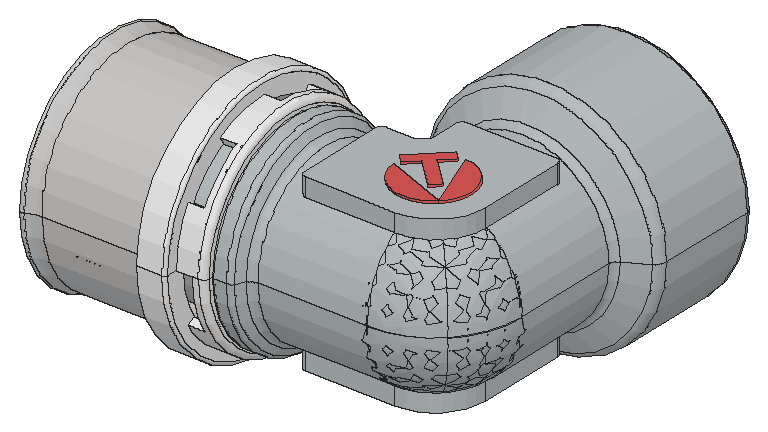
Revit family "VTm_252_УгольникПресс_ПереходВнутрРезьба1", category Соединительные детали трубопроводов, Revit 2017
Family settings
  Размер круглого соединителя = Использовать диаметр
  Тип детали = Отвод
  На основе рабочей плоскости = Нет
  Всегда вертикально = Да
  При загрузке вырезать с полостями = Нет
  Общий = Нет
Parameters (values of type "32 х 1"")
  Тело = VTm_252_ТелоУголка_32_на_Дюйм : VTm_252_ТелоУголка_32_на_Дюйм
  Стоимость = 0
  Резьба = VTm_252_РезьбаСоСбегами_Внутр : 1" х 4 х 1,9
  РадБазы2 = DN2 / 4  # 6.25 mm
  РадБазы1 = DN1 / 4  # 8.00 mm
  ПодРезьбу х 07 = ПодРезьбу * 0.7  # 10.50 mm
  ПодРезьбу = 15.00 mm
  Описание = "Служит для соединения резьбовых фитингов с системами металлополимерных, PEX и PE труб на пресс с поворотом на 90°"  # constant formula
  Комментарии к типоразмеру = "Модель разработана по заказу ВЕСТА Регионы, автор Михаил Кузьмин НПО Инкомис, правообладатель ВЕСТА Регионы"  # constant formula
  Изготовитель = "VALTEC"  # constant formula
  ДлинаБазы2 = 23.50 mm
  ДлинаБазы1 = 24.30 mm
  Гильза = VTm_252_Гильза_от_16_до_32 : 32
  Видеть резьбу [instance] = yes
  VT_Цена базовая = 501
  VT_sleeve = Нержавеющая сталь
  VT_ring = Пластмасса, непрозрачная, белая
  VT_logo [instance] = Алюминий, анодированный красный
  VT_body = Цинк
  URL = "http://valtec.ru/catalog/sistemy_metallopolimernyh_i_polimernyh_truboprovodov/press_fitingi/press_fiting_ugolnik_s_perehodom_na_vnutrennyuyu_rezbu_vtm252n.html"
  DN2 = 25.00 mm
  DN1 = 32.00 mm
  ADSK_Примечание = ""
  ADSK_Позиция = "252.3206"
  ADSK_Обозначение = "VTm.252.N.003206"
  ADSK_Наименование = "Угольник пресс с переходом на внутреннюю резьбу 32х1\" 90° VTm.252"
  ADSK_Масса_Текст = "0.298"
  ADSK_Масса = 0.298
  ADSK_Завод-изготовитель = "VALTEC"  # constant formula
  ADSK_Единица измерения = "шт"  # constant formula
  ADSK_Версия семейства = "01.01"  # constant formula
  ADSK_Версия Revit = "2017"  # constant formula
Types (7, lengths in mm): name | Тело | Резьба | РадБазы2 | РадБазы1 | ПодРезьбу х 07 | ПодРезьбу | ДлинаБазы2 | ДлинаБазы1 | Гильза | VT_Цена базовая | DN2 | DN1 | ADSK_Позиция | ADSK_Обозначение | ADSK_Наименование | ADSK_Масса_Текст | ADSK_Масса
  16 х 1/2" | VTm_252_ТелоУголка_16_на_ПрлДюйма : VTm_252_ТелоУголка_16_на_ПрлДюйма | VTm_252_РезьбаСоСбегами_Внутр : 1/2" х 5 х 1 | 3.75 | 4.00 | 9.096 | 12.995 | 15.00 | 15.30 | VTm_252_Гильза_от_16_до_32 : 16 | 145 | 15.00 | 16.00 | "252.1604" | "VTm.252.N.001604" | "Угольник пресс с переходом на внутреннюю резьбу 16х1/2\" 90° VTm.252" | "0.078" | 0.078
  16 х 3/4" | VTm_252_ТелоУголка_16_на_ТриЧетверти : VTm_252_ТелоУголка_16_на_ТриЧетверти | VTm_252_РезьбаСоСбегами_Внутр : 3/4" х 5 х 1,8 | 5.00 | 4.00 | 9.80 | 14.00 | 16.82 | 19.30 | VTm_252_Гильза_от_16_до_32 : 16 | 207 | 20.00 | 16.00 | "252.1605" | "VTm.252.N.001605" | "Угольник пресс с переходом на внутреннюю резьбу 16х3/4\" 90° VTm.252" | "0.119" | 0.207
  20 х 3/4" | VTm_252_ТелоУголка_20_на_ТриЧетверти : VTm_252_ТелоУголка_20_на_ТриЧетверти | VTm_252_РезьбаСоСбегами_Внутр : 3/4" х 5 х 1,8 | 5.00 | 5.00 | 9.80 | 14.00 | 17.56 | 18.30 | VTm_252_Гильза_от_16_до_32 : 20 | 229 | 20.00 | 20.00 | "252.2005" | "VTm.252.N.002005" | "Угольник пресс с переходом на внутреннюю резьбу 20х3/4\" 90° VTm.252" | "0.105" | 0.105
  20 х 1/2" | VTm_252_ТелоУголка_20_на_ПолДюйма : VTm_252_ТелоУголка_20_на_ПолДюйма | VTm_252_РезьбаСоСбегами_Внутр : 1/2" х 5 х 1 | 3.75 | 5.00 | 9.096 | 12.995 | 16.00 | 17.30 | VTm_252_Гильза_от_16_до_32 : 20 | 236 | 15.00 | 20.00 | "252.2004" | "VTm.252.N.002004" | "Угольник пресс с переходом на внутреннюю резьбу 20х1/2\" 90° VTm.252" | "0.126" | 0.126
  26 х 3/4" | VTm_252_ТелоУголка_26_на_ТриЧетверти : VTm_252_ТелоУголка_26_на_ТриЧетверти | VTm_252_РезьбаСоСбегами_Внутр : 3/4" х 5 х 1,8 | 5.00 | 6.50 | 9.80 | 14.00 | 20.00 | 21.30 | VTm_252_Гильза_от_16_до_32 : 26 | 327 | 20.00 | 26.00 | "252.2605" | "VTm.252.N.002605" | "Угольник пресс с переходом на внутреннюю резьбу 26х3/4\" 90° VTm.252" | "0.165" | 0.165
  26 х 1" | VTm_252_ТелоУголка_26_на_Дюйм : VTm_252_ТелоУголка_26_на_Дюйм | VTm_252_РезьбаСоСбегами_Внутр : 1" х 4 х 1,9 | 6.25 | 6.50 | 10.50 | 15.00 | 22.00 | 21.80 | VTm_252_Гильза_от_16_до_32 : 26 | 412 | 25.00 | 26.00 | "252.2606" | "VTm.252.N.002606" | "Угольник пресс с переходом на внутреннюю резьбу 26х1\" 90° VTm.252" | "0.229" | 0.229
  32 х 1" | VTm_252_ТелоУголка_32_на_Дюйм : VTm_252_ТелоУголка_32_на_Дюйм | VTm_252_РезьбаСоСбегами_Внутр : 1" х 4 х 1,9 | 6.25 | 8.00 | 10.50 | 15.00 | 23.50 | 24.30 | VTm_252_Гильза_от_16_до_32 : 32 | 501 | 25.00 | 32.00 | "252.3206" | "VTm.252.N.003206" | "Угольник пресс с переходом на внутреннюю резьбу 32х1\" 90° VTm.252" | "0.298" | 0.298
Reference planes
  plane 1 "По центру (Вперед/Назад)": y = 0
  plane 2: z = 0
  plane 3 "По центру (Влево/Вправо)": x = 0
  plane 4: x = -24.3
  plane 5: y = 23.5
  plane 6: x = -56.3
  plane 7: x = -88.3
  plane 8: y = 32
  plane 9: y = -32
  plane 10: y = 38.5
  plane 11: x = 25
  plane 12: x = -25
  plane 13: y = 34
Forms (mm)
  Extrusion 1, solid, not visible
    sketch origin (0, 0, 0) x (0, 1, 0) y (0, 0, 1)
      loop
        circle (0, 0) r 8
    from 0 to -24.3
  Extrusion 2, solid, not visible
    sketch origin (0, 0, 0) x (1, 0, 0) y (0, 0, 1)
      loop
        circle (0, 0) r 6.25
    from 0 to -23.5
Lines and regions (mm)
  model lines, style "VT_symbol", detail levels medium
    curve 1: line (-88.3, 32, 0) -> (-24.3, -32, 0)
    curve 2: line (-88.3, -32, 0) -> (-24.3, 32, 0)
    curve 5: line (-25, 34, 0) -> (-25, 23.5, 0)
    curve 6: line (-25, 23.5, 0) -> (25, 23.5, 0)
    curve 7: line (25, 34, 0) -> (25, 23.5, 0)
  model lines, style "VT_symbol", detail levels coarse+medium
    curve 3: line (-24.3, 0, 0) -> (0, 0, 0)
    curve 4: line (0, 0, 0) -> (0, 23.5, 0)
Dimensions and locks
  "ДлинаБазы1": plane 4 to plane 3 "По центру (Влево/Вправо)"
  "ДлинаБазы2": plane 5 to plane 1 "По центру (Вперед/Назад)"
  equal spacing: plane 8, plane 1 "По центру (Вперед/Назад)", plane 9
  equal spacing: plane 7, plane 6, plane 4
  "DN1": plane 6 to plane 4
  "DN1": plane 1 "По центру (Вперед/Назад)" to plane 9
  "ПодРезьбу": plane 10 to plane 5
  equal spacing: plane 12, plane 3 "По центру (Влево/Вправо)", plane 11
  "DN2": plane 12 to plane 3 "По центру (Влево/Вправо)"
  "ПодРезьбу х 07": plane 13 to plane 5
  "РадБазы1": radius of Extrusion 1 sketch curve
  "РадБазы2": radius of Extrusion 2 sketch curve
  aligned and locked: level to plane 2
  aligned and locked: plane 1 "По центру (Вперед/Назад)" to Extrusion 1 sketch curve
  aligned and locked: plane 2 to Extrusion 1 sketch curve
  aligned and locked: plane 3 "По центру (Влево/Вправо)" to Extrusion 2 sketch curve
  aligned and locked: plane 2 to Extrusion 2 sketch curve
  aligned and locked: Extrusion 1 to plane 3 "По центру (Влево/Вправо)"
  aligned and locked: plane 1 "По центру (Вперед/Назад)" to Extrusion 2
  aligned and locked: plane 5 to Extrusion 2
  aligned and locked: Extrusion 1 to plane 4
  aligned and locked: nested 1 to plane 1 "По центру (Вперед/Назад)"
  aligned and locked: plane 2 to nested 1
  aligned and locked: plane 1 "По центру (Вперед/Назад)" to nested 2
  aligned and locked: plane 3 "По центру (Влево/Вправо)" to nested 2
  aligned and locked: plane 2 to nested 2
  aligned and locked: nested 4 to plane 1 "По центру (Вперед/Назад)"
  aligned and locked: nested 4 to plane 2
  aligned and locked: plane 3 "По центру (Влево/Вправо)" to nested 3
  aligned and locked: nested 3 to plane 2
  aligned and locked: plane 8 to curve 2
  aligned and locked: plane 4 to curve 2
  aligned and locked: plane 8 to curve 1
  aligned and locked: plane 7 to curve 1
  aligned and locked: plane 9 to curve 2
  aligned and locked: plane 7 to curve 2
  aligned and locked: plane 9 to curve 1
  aligned and locked: plane 4 to curve 1
  aligned and locked: plane 1 "По центру (Вперед/Назад)" to curve 3
  aligned and locked: plane 4 to curve 3
  aligned and locked: plane 3 "По центру (Влево/Вправо)" to curve 3
  aligned and locked: plane 1 "По центру (Вперед/Назад)" to curve 4
  aligned and locked: plane 5 to curve 4
  aligned and locked: plane 3 "По центру (Влево/Вправо)" to nested 5
  aligned and locked: plane 2 to nested 5
  aligned and locked: curve 7 to plane 11
  aligned and locked: curve 6 to plane 5
  aligned and locked: curve 5 to plane 12
  aligned and locked: plane 13 to curve 7
  aligned and locked: plane 13 to curve 5
Nested families
  nested 1: "VTm_252_Гильза_от_16_до_32" at (-24.3, 0, 0) x (0, 1, 0) z (-1, 0, 0), type <- "Гильза", type "32", detail levels fine
  nested 2: "VTm_252_ТелоУголка_32_на_Дюйм" at (0, 0, 0), type <- "Тело", type "VTm_252_ТелоУголка_32_на_Дюйм", detail levels fine
  nested 3: "MarkR" at (0, 23.5, 0) x (1, 0, 0) z (0, -1, 0), type "MarkR", not visible
  nested 4: "MarkR" at (-24.3, 0, 0) x (0, 1, 0) z (1, 0, 0), type "MarkR", not visible
  nested 5: "VTm_252_РезьбаСоСбегами_Внутр" at (0, 23.5, 0) x (1, 0, 0) z (0, 1, 0), type <- "Резьба", visible <- "Видеть резьбу", type "1" х 4 х 1,9", detail levels fine
Connectors
  piping at (-24.3, 0, 0), diameter 32, driven by "DN1"
    settings: on Extrusion 1, index 1, connector inside diameter 609.6 mm, connector length 0.00 mm, flow factor 0, pipe flow 0.0 L/s, pressure drop 0.0 Pa, fitting loss kfactor 0, connector angle 90.00°, fixture units 0, engagement length 0.00 mm, angle of deflection 0.00°, flow configuration 0, flow direction 0, fitting loss method 0, system type 28, joint type 0, gender type 0, connector reference index 2, connector utility 0, adjustable connector no, is connector primary yes, connector description ""
  piping at (0, 23.5, 0), diameter 25, driven by "DN2"
    settings: on Extrusion 2, index 2, connector inside diameter 609.6 mm, connector length 0.00 mm, flow factor 0, pipe flow 0.0 L/s, pressure drop 0.0 Pa, fitting loss kfactor 0, connector angle 90.00°, fixture units 0, engagement length 0.00 mm, angle of deflection 0.00°, flow configuration 0, flow direction 0, fitting loss method 0, system type 28, joint type 0, gender type 0, connector reference index 1, connector utility 0, adjustable connector no, is connector primary no, connector description ""
Definition of nested family "VTm_252_Гильза_от_16_до_32"
  Parameters (values of type "16")
    ТолщСтенкТруб = 2.10 mm
    РегулировкаВысотГильз = 17.30 mm
    РадПерфНаруж = 9.30 mm
    РадПерфВнутр = РадПерфНаруж - 1.30 mm  # 8.00 mm
    РадГабаритКольца = 11.20 mm
    Default Elevation = 0.00 mm
    НарРадТруб = НарДиамТруб / 2  # 8.00 mm
    НарДиамТруб = 16.00 mm
    ВысотаОкон = 2.697 mm
    VT_body = none
    VT_ring = none
    VT_sleeve = none
  Types (4, lengths in mm): name | ТолщСтенкТруб | РегулировкаВысотГильз | РадПерфНаруж | РадПерфВнутр | РадГабаритКольца | НарРадТруб | НарДиамТруб
    16 | 2.10 | 17.30 | 9.30 | 8.00 | 11.20 | 8.00 | 16.00
    20 | 2.10 | 17.35 | 11.45 | 10.15 | 13.20 | 10.05 | 20.10
    26 | 3.05 | 17.20 | 14.35 | 13.05 | 16.25 | 13.075 | 26.15
    32 | 3.10 | 16.80 | 17.30 | 16.00 | 19.40 | 16.175 | 32.35
  Reference planes
    plane 1 "По центру (Вперед/Назад)": y = 0
    plane 2: z = 0
    plane 3 "По центру (Влево/Вправо)": x = 0
    plane 4: z = -1.8
    plane 5: z = 2.697
    plane 6: z = 7.197
    plane 7: x = -11.2
    plane 8: x = -9.3
    plane 9 "РадПерфВнутр": x = -8
    plane 10: through (0, 0, 1219.2) normal (-0.5, -0.866, 0)
    plane 11: through (0, 0, 1219.2) normal (-0.866, -0.5, 0)
    plane 12: through (0, 0, 1219.2) normal (-0.866, 0.5, 0)
    plane 13: through (0, 0, 1219.2) normal (-0.5, 0.866, 0)
    plane 14: x = -8.9
    plane 15: z = 24.497
    plane 16: z = 27.313
    plane 17: x = -5.9
    plane 18: x = -3.5
    plane 19 "РадНарТруб": x = -8
    plane 20: x = -13.75
  Forms (mm)
    Extrusion 1, solid, not visible
      sketch origin (0, 0, 0) x (1, 0, 0) y (0, 1, 0)
        loop
          line (-1219.2, 1219.2) -> (-1219.2, -1219.2) -> (1219.2, -1219.2) -> (1219.2, 1219.2) -> (-1219.2, 1219.2)
      from 0 to -304.8
    Revolve 2, solid, material <- "VT_ring"
      sketch origin (0, 0, 0) x (1, 0, 0) y (0, 0, 1)
        loop
          line (-8, 0) -> (-8, 2.697) -> (-9.3, 2.697) -> (-9.3, -0.817)
          arc (-9.3, -0.817) -> (-9.012, -1.512) -> (-8.317, -1.8) r 0.983
          line (-8.317, -1.8) -> (0, -1.8) -> (0, 0) -> (-8, 0)
        axis (0, 2.697) -> (0, -1.8)
      angle from 0 to 360
    Extrusion 3, void
      sketch origin (0, 0, 0) x (1, 0, 0) y (0, 1, 0)
        loop
          line (-9.3, 0) -> (-8, 0)
          arc (-8, 0) -> (-7.727, 2.071) -> (-6.928, 4) r 8
          line (-6.928, 4) -> (-8.054, 4.65)
          arc (-8.054, 4.65) -> (-8.983, 2.407) -> (-9.3, 0) r 9.3
        loop
          arc (-4, 6.928) -> (-2.071, 7.727) -> (0, 8) r 8
          line (0, 8) -> (0, 9.3)
          arc (0, 9.3) -> (-2.407, 8.983) -> (-4.65, 8.054) r 9.3
          line (-4.65, 8.054) -> (-4, 6.928)
        loop
          arc (4, 6.928) -> (5.657, 5.657) -> (6.928, 4) r 8
          line (6.928, 4) -> (8.054, 4.65)
          arc (8.054, 4.65) -> (6.576, 6.576) -> (4.65, 8.054) r 9.3
          line (4.65, 8.054) -> (4, 6.928)
        loop
          arc (8, 0) -> (7.727, -2.071) -> (6.928, -4) r 8
          line (6.928, -4) -> (8.054, -4.65)
          arc (8.054, -4.65) -> (8.983, -2.407) -> (9.3, 0) r 9.3
          line (9.3, 0) -> (8, 0)
        loop
          arc (4, -6.928) -> (2.071, -7.727) -> (0, -8) r 8
          line (0, -8) -> (0, -9.3)
          arc (0, -9.3) -> (2.407, -8.983) -> (4.65, -8.054) r 9.3
          line (4.65, -8.054) -> (4, -6.928)
        loop
          arc (-8.054, -4.65) -> (-6.576, -6.576) -> (-4.65, -8.054) r 9.3
          line (-4.65, -8.054) -> (-4, -6.928)
          arc (-4, -6.928) -> (-5.657, -5.657) -> (-6.928, -4) r 8
          line (-6.928, -4) -> (-8.054, -4.65)
      from 0 to 2.697
    Revolve 4, solid, material <- "VT_ring"
      sketch origin (0, 0, 0) x (1, 0, 0) y (0, 0, 1)
        loop
          line (-11.2, 7.197) -> (-11.2, 3.224)
          arc (-11.2, 3.224) -> (-11.046, 2.851) -> (-10.674, 2.697) r 0.526
          line (-10.674, 2.697) -> (-8, 2.697) -> (-8, 7.197) -> (-11.2, 7.197)
        axis (0, 2.697) -> (0, 7.197)
      angle from 0 to 360
    Revolve 5, solid, material <- "VT_sleeve"
      sketch origin (0, 0, 0) x (1, 0, 0) y (0, 0, 1)
        loop
          line (-8.9, 7.197) -> (-8, 7.197) -> (-8, 24.497)
          arc (-8, 24.497) -> (-8.187, 25.953) -> (-8.737, 27.313) r 5.75
          arc (-8.737, 27.313) -> (-9.35, 27.485) -> (-9.522, 26.873) r 0.45
          arc (-9.522, 26.873) -> (-9.058, 25.725) -> (-8.9, 24.497) r 4.85
          line (-8.9, 24.497) -> (-8.9, 7.197)
        axis (0, 27.313) -> (0, 7.197)
      angle from 0 to 360
    Revolve 6, solid, material <- "VT_body"
      sketch origin (0, 0, 0) x (1, 0, 0) y (0, 0, 1)
        loop
          line (-3.764, 24.955) -> (-4.576, 26.366)
          arc (-4.576, 26.366) -> (-4.898, 26.631) -> (-5.315, 26.617) r 0.591
          arc (-5.315, 26.617) -> (-5.74, 26.267) -> (-5.9, 25.739) r 0.951
          line (-5.9, 25.739) -> (-5.9, 0) -> (-3.5, 0) -> (-3.5, 23.969)
          arc (-3.5, 23.969) -> (-3.567, 24.479) -> (-3.764, 24.955) r 1.977
        axis (0, 26.617) -> (0, 0)
      angle from 0 to 360
  Cuts and joins
    Extrusion 3 cuts Revolve 2
  Dimensions and locks
    "РадГабаритКольца": plane 7 to plane 3 "По центру (Влево/Вправо)"
    "РадПерфНаруж": plane 8 to plane 3 "По центру (Влево/Вправо)"
    "РадПерфВнутр": plane 9 "РадПерфВнутр" to plane 3 "По центру (Влево/Вправо)"
    locked: plane 17 to plane 18 at 2.4
    "ТолщСтенкТруб": plane 19 "РадНарТруб" to plane 17
    "НарРадТруб": plane 19 "РадНарТруб" to plane 3 "По центру (Влево/Вправо)"
    locked: plane 14 to plane 19 "РадНарТруб" at 0.9
    "РегулировкаВысотГильз": plane 15 to plane 6
    locked: plane 16 to plane 15 at 2.816
    plane 16 to plane 4 = 29.113 mm
    locked: plane 19 "РадНарТруб" to plane 20 at 5.75
    locked: plane 6 to plane 5 at 4.5
    locked: plane 2 to plane 4 at 1.8
    "ВысотаОкон": plane 5 to plane 2
    "РадПерфВнутр": radius of Extrusion 3 sketch curve  (x6)
    "РадПерфНаруж": radius of Extrusion 3 sketch curve  (x6)
    aligned and locked: plane 2 to Extrusion 1
    aligned and locked: level to Extrusion 1
    aligned and locked: Revolve 2 sketch curve to plane 8
    aligned and locked: Revolve 2 sketch curve to plane 3 "По центру (Влево/Вправо)"
    aligned and locked: plane 2 to Revolve 2 sketch curve
    aligned and locked: plane 4 to Revolve 2 sketch curve  (x2)
    aligned and locked: Revolve 2 sketch curve to plane 2
    aligned and locked: Extrusion 3 sketch curve to plane 1 "По центру (Вперед/Назад)"
    aligned and locked: plane 10 to Extrusion 3 sketch curve
    aligned and locked: plane 3 "По центру (Влево/Вправо)" to Extrusion 3 sketch curve  (x13)
    aligned and locked: plane 1 "По центру (Вперед/Назад)" to Extrusion 3 sketch curve  (x13)
    aligned and locked: Extrusion 3 to plane 2
    aligned and locked: plane 5 to Extrusion 3
    aligned and locked: Revolve 2 sketch curve to plane 9 "РадПерфВнутр"
    aligned and locked: Revolve 2 sketch curve to plane 5
    aligned and locked: Extrusion 3 sketch curve to plane 11
    aligned and locked: Extrusion 3 sketch curve to plane 3 "По центру (Влево/Вправо)"
    aligned and locked: Extrusion 3 sketch curve to plane 12
    aligned and locked: plane 13 to Extrusion 3 sketch curve
    aligned and locked: Extrusion 3 sketch curve to plane 10
    aligned and locked: plane 11 to Extrusion 3 sketch curve
    aligned and locked: Extrusion 3 sketch curve to plane 13
    aligned and locked: plane 12 to Extrusion 3 sketch curve
    aligned and locked: plane 9 "РадПерфВнутр" to Revolve 4 sketch curve
    aligned and locked: plane 7 to Revolve 4 sketch curve
    aligned and locked: plane 6 to Revolve 4 sketch curve
    aligned and locked: Revolve 4 sketch curve to plane 5
    aligned and locked: plane 3 "По центру (Влево/Вправо)" to Revolve 4 sketch curve
    aligned and locked: plane 4 to Revolve 4 sketch curve
    aligned and locked: plane 2 to Revolve 4 sketch curve
    aligned and locked: Revolve 5 sketch curve to plane 3 "По центру (Влево/Вправо)"
    aligned and locked: plane 4 to Revolve 5 sketch curve
    aligned and locked: plane 2 to Revolve 5 sketch curve
    aligned and locked: Revolve 5 sketch curve to plane 14
    aligned and locked: Revolve 5 sketch curve to plane 6
    aligned and locked: Revolve 6 sketch curve to plane 2
    aligned and locked: plane 17 to Revolve 6 sketch curve
    aligned and locked: Revolve 6 sketch curve to plane 3 "По центру (Влево/Вправо)"
    aligned and locked: plane 4 to Revolve 6 sketch curve
    aligned and locked: plane 2 to Revolve 6 sketch curve
    aligned and locked: Revolve 6 sketch curve to plane 18
    aligned and locked: Revolve 5 sketch curve to plane 19 "РадНарТруб"
    aligned and locked: plane 20 to Revolve 5 sketch curve  (x2)
    aligned and locked: plane 15 to Revolve 5 sketch curve  (x2)
  Automatic sketch dimensions
    Extrusion 1 sketch curve to Extrusion 1 sketch curve = 2438.40 mm  (x2)
    Revolve 2 sketch curve to plane 3 "По центру (Влево/Вправо)" = 0.00 mm
    Revolve 2 sketch curve to plane 9 "РадПерфВнутр" = 0.317 mm
    Revolve 4 sketch curve to Revolve 4 sketch curve = 0.526 mm
    Revolve 5 sketch curve to plane 16 = 0.00 mm
    Revolve 5 sketch curve to Revolve 5 sketch curve = 0.00 mm  (x2)
    Revolve 6 sketch curve to plane 17 = 0.423 mm
    Revolve 6 sketch curve to plane 17 = 0.812 mm
    Revolve 6 sketch curve to Revolve 6 sketch curve = 0.139 mm
    Revolve 6 sketch curve to Revolve 6 sketch curve = 0.512 mm
    plane 18 to Revolve 6 sketch curve = 0.264 mm
    plane 15 to Revolve 6 sketch curve = 0.528 mm
    Revolve 6 sketch curve to Revolve 6 sketch curve = 0.332 mm
Definition of nested family "VTm_252_ТелоУголка_32_на_Дюйм"
  Parameters (values of type "VTm_252_ТелоУголка_32_на_Дюйм")
    Description = ""
    Type Comments = ""
    VT_logo = none
    VT_body = none
  Reference planes
    plane 1 "По центру (Вперед/Назад)": y = 0
    plane 2: z = 0
    plane 3 "По центру (Влево/Вправо)": x = 0
    plane 4: z = -13.627
    plane 5: z = 13.627
    plane 6: z = -1.5
    plane 7: z = 1.5
  Forms (mm)
    Revolve 1, solid, material <- "VT_body"
      sketch origin (0, 0, 0) x (1, 0, 0) y (0, 1, 0)
        loop
          line (-22.5, 0) -> (-22.5, -15.5)
          arc (-22.5, -15.5) -> (-22.354, -15.854) -> (-22, -16) r 0.5
          line (-22, -16) -> (-20.077, -16)
          arc (-20.077, -16) -> (-19.577, -15.866) -> (-19.212, -15.501) r 0.999
          line (-19.212, -15.501) -> (-18.49, -14.25)
          arc (-18.49, -14.25) -> (-17.941, -13.701) -> (-17.191, -13.5) r 1.5
          line (-17.191, -13.5) -> (0, -13.5)
          arc (0, -13.5) -> (9.546, -9.546) -> (13.5, 0) r 13.5
          line (13.5, 0) -> (-22.5, 0)
        axis (-22.5, 0) -> (13.5, 0)
      angle from 0 to 360
    Extrusion 2, solid, material <- "VT_body"
      sketch origin (0.107, -0.059, 0) x (1, 0, 0) y (0, 1, 0)
        loop
          line (-15.107, 7.059) -> (-15.107, -6.949)
          arc (-15.107, -6.949) -> (-14.816, -7.651) -> (-14.114, -7.941) r 0.992
          line (-14.114, -7.941) -> (-0.028, -7.941)
          arc (-0.028, -7.941) -> (5.573, -5.621) -> (7.893, -0.02) r 7.921
          line (7.893, -0.02) -> (7.893, 14.078)
          arc (7.893, 14.078) -> (7.606, 14.771) -> (6.912, 15.059) r 0.981
          line (6.912, 15.059) -> (-7.171, 15.059)
          arc (-7.171, 15.059) -> (-7.833, 14.785) -> (-8.107, 14.123) r 0.936
          line (-8.107, 14.123) -> (-8.107, 9.99)
          arc (-8.107, 9.99) -> (-8.673, 8.624) -> (-10.038, 8.059) r 1.931
          line (-10.038, 8.059) -> (-14.108, 8.059)
          arc (-14.108, 8.059) -> (-14.814, 7.766) -> (-15.107, 7.059) r 0.999
      from -13.627 to 13.627
    Revolve 3, solid, material <- "VT_body"
      sketch origin (0, 0, 0) x (0, -1, 0) y (-1, 0, 0)
        loop
          line (-37.971, -18.75) -> (-22.172, -18.75)
          arc (-22.172, -18.75) -> (-21.233, -18.498) -> (-20.545, -17.811) r 1.879
          line (-20.545, -17.811) -> (-18.49, -14.25)
          arc (-18.49, -14.25) -> (-17.941, -13.701) -> (-17.191, -13.5) r 1.5
          line (-17.191, -13.5) -> (0, -13.5)
          arc (0, -13.5) -> (9.546, -9.546) -> (13.5, 0) r 13.5
          line (13.5, 0) -> (-23.5, 0) -> (-23.5, -15.89) -> (-38.5, -15.89) -> (-38.5, -18.221)
          arc (-38.5, -18.221) -> (-38.345, -18.595) -> (-37.971, -18.75) r 0.529
        axis (-38.5, 0) -> (13.5, 0)
      angle from 0 to 360
  Dimensions and locks
    equal spacing: plane 5, plane 2, plane 4, locked at 13.627 each
    equal spacing: plane 7, plane 2, plane 6, locked at 1.5 each
    locked: Revolve 3 to plane 1 "По центру (Вперед/Назад)" at 38.5
    plane 3 "По центру (Влево/Вправо)" to Revolve 3 sketch curve = 15.89 mm
    locked: Revolve 3 to plane 1 "По центру (Вперед/Назад)" at 23.5
    equal spacing: Extrusion 2, nested 1, Extrusion 2, locked at 15.855 each
    equal spacing: Extrusion 2, nested 1, Extrusion 2, locked at 10.073 each
    equal spacing: Extrusion 2, nested 2, Extrusion 2, locked at 10.073 each
    equal spacing: Extrusion 2, nested 2, Extrusion 2, locked at 15.855 each
    equal spacing: Extrusion 2, plane 1 "По центру (Вперед/Назад)", Extrusion 2, locked at 8 each
    equal spacing: Extrusion 2, plane 3 "По центру (Влево/Вправо)", Extrusion 2
    locked: Extrusion 2 to plane 3 "По центру (Влево/Вправо)" at 15
    locked: plane 1 "По центру (Вперед/Назад)" to Extrusion 2 at 15
    aligned and locked: level to plane 2
    aligned and locked: plane 1 "По центру (Вперед/Назад)" to Revolve 1 sketch curve  (x2)
    aligned and locked: Revolve 1 sketch curve to plane 2
    aligned and locked: Revolve 1 sketch curve to Revolve 1 sketch curve
    aligned and locked: Extrusion 2 to plane 4
    aligned and locked: Extrusion 2 to plane 5
    aligned and locked: Revolve 3 sketch curve to Revolve 3 sketch curve  (x2)
    aligned and locked: Revolve 3 sketch curve to plane 3 "По центру (Влево/Вправо)"
    aligned and locked: Revolve 3 sketch curve to plane 2
    aligned and locked: plane 1 "По центру (Вперед/Назад)" to Revolve 3 sketch curve
    aligned and locked: plane 3 "По центру (Влево/Вправо)" to Revolve 3 sketch curve
    aligned and locked: plane 3 "По центру (Влево/Вправо)" to Revolve 1 sketch curve
  Automatic sketch dimensions
    Revolve 1 sketch curve to Revolve 1 sketch curve = 17.191 mm
    Revolve 1 sketch curve to Revolve 1 sketch curve = 1.299 mm
    Revolve 1 sketch curve to Revolve 1 sketch curve = 0.722 mm
    Revolve 1 sketch curve to Revolve 1 sketch curve = 0.865 mm
    Revolve 1 sketch curve to Revolve 1 sketch curve = 0.75 mm
    Revolve 1 sketch curve to Revolve 1 sketch curve = 9.172 mm
    Revolve 1 sketch curve to Revolve 1 sketch curve = 3.50 mm
    Revolve 3 sketch curve to Revolve 3 sketch curve = 15.798 mm
    Revolve 3 sketch curve to Revolve 3 sketch curve = 3.50 mm
    Extrusion 2 sketch curve to plane 3 "По центру (Влево/Вправо)" = 15.00 mm
    Extrusion 2 sketch curve to Extrusion 2 sketch curve = 0.992 mm
    Extrusion 2 sketch curve to Extrusion 2 sketch curve = 0.999 mm
    Extrusion 2 sketch curve to Extrusion 2 sketch curve = 4.069 mm
    Extrusion 2 sketch curve to Extrusion 2 sketch curve = 1.931 mm
    Extrusion 2 sketch curve to Extrusion 2 sketch curve = 0.936 mm
    plane 3 "По центру (Влево/Вправо)" to Extrusion 2 sketch curve = 0.079 mm
    plane 3 "По центру (Влево/Вправо)" to Extrusion 2 sketch curve = 7.019 mm
    plane 1 "По центру (Вперед/Назад)" to Extrusion 2 sketch curve = 0.079 mm
    Extrusion 2 sketch curve to Extrusion 2 sketch curve = 7.921 mm
    Extrusion 2 sketch curve to plane 1 "По центру (Вперед/Назад)" = 7.001 mm
    Extrusion 2 sketch curve to plane 1 "По центру (Вперед/Назад)" = 14.019 mm
  Nested families
    nested 1: "VTm_252_Logo_12mm" at (-1.441, 1.445, 13.627) x (0.7071, 0.7071, 0) z (0, 0, 1), type "VTm_252_Logo_12mm"
    nested 2: "VTm_252_Logo_12mm" at (-1.441, 1.445, -13.627) x (-0.7071, -0.7071, 0) z (0, 0, -1), type "VTm_252_Logo_12mm"
  Definition of nested family "VTm_252_Logo_12mm"
    Parameters (values of type "VTm_252_Logo_12mm")
      Default Elevation = 0.00 mm
      Description = ""
      Type Comments = ""
      VT_logo = none
    Reference planes
      plane 1 "По центру (Вперед/Назад)": y = 0
      plane 2: z = 0
      plane 3 "По центру (Влево/Вправо)": x = 0
      plane 4: z = -0.8
      plane 5: z = 0.25
    Forms (mm)
      Extrusion 1, solid, not visible
        sketch origin (0, 0, 0) x (1, 0, 0) y (0, 1, 0)
          loop
            line (-1219.2, 1219.2) -> (-1219.2, -1219.2) -> (1219.2, -1219.2) -> (1219.2, 1219.2) -> (-1219.2, 1219.2)
        from 0 to -304.8
      Extrusion 2, solid, material <- "VT_logo"
        sketch origin (0, 0, 0) x (1, 0, 0) y (0, 1, 0)
          loop
            line (-3.5, 6.117) -> (-3.5, 4.317) -> (-0.95, 4.317) -> (-0.95, -1.8) -> (0.95, -1.8) -> (0.95, 4.317) -> (3.5, 4.317) -> (3.5, 6.117) -> (-3.5, 6.117)
          loop
            line (-0.005, -6.003) -> (-4.465, 4.013)
            arc (-4.465, 4.013) -> (-5.484, -2.442) -> (-0.005, -6.003) r 6.003
        from -0.8 to 0.25
      Extrusion 3, solid, material <- "VT_logo"
        sketch origin (0, 0, 0) x (1, 0, 0) y (0, 1, 0)
          loop
            line (4.465, 4.013) -> (0.005, -6.003)
            arc (0.005, -6.003) -> (5.484, -2.442) -> (4.465, 4.013) r 6.003
        from -0.8 to 0.25
    Dimensions and locks
      locked: plane 2 to plane 4 at 0.8
      locked: plane 5 to plane 2 at 0.25
      Extrusion 2 sketch curve to plane 3 "По центру (Влево/Вправо)" to Extrusion 2 sketch curve = 3.50 mm, 3.50 mm
      Extrusion 2 sketch curve to plane 3 "По центру (Влево/Вправо)" to Extrusion 2 sketch curve = 0.95 mm, 0.95 mm
      Extrusion 2 sketch curve to plane 1 "По центру (Вперед/Назад)" = 1.80 mm
      Extrusion 2 sketch curve to Extrusion 2 sketch curve = 1.80 mm  (x2)
      Extrusion 2 sketch curve to plane 1 "По центру (Вперед/Назад)" = 6.117 mm
      equal spacing: Extrusion 2, plane 3 "По центру (Влево/Вправо)", Extrusion 2, locked at 3.5 each
      equal spacing: Extrusion 2, plane 3 "По центру (Влево/Вправо)", Extrusion 2, locked at 0.95 each
      locked: Extrusion 2 to Extrusion 2 at 1.8  (x2)
      locked: Extrusion 2 to plane 1 "По центру (Вперед/Назад)" at 1.8
      locked: Extrusion 2 to plane 1 "По центру (Вперед/Назад)" at 6.117
      aligned and locked: plane 2 to Extrusion 1
      aligned and locked: level to Extrusion 1
      aligned and locked: plane 3 "По центру (Влево/Вправо)" to Extrusion 2 sketch curve
      aligned and locked: plane 1 "По центру (Вперед/Назад)" to Extrusion 2 sketch curve
      aligned and locked: plane 1 "По центру (Вперед/Назад)" to Extrusion 3 sketch curve
      aligned and locked: plane 3 "По центру (Влево/Вправо)" to Extrusion 3 sketch curve
      aligned and locked: Extrusion 2 to plane 4
      aligned and locked: Extrusion 3 to plane 4
      aligned and locked: plane 5 to Extrusion 3
      aligned and locked: plane 5 to Extrusion 2
    Automatic sketch dimensions
      Extrusion 1 sketch curve to Extrusion 1 sketch curve = 2438.40 mm  (x2)
      Extrusion 2 sketch curve to Extrusion 2 sketch curve = 0.965 mm
      Extrusion 2 sketch curve to plane 3 "По центру (Влево/Вправо)" = 0.005 mm
      Extrusion 2 sketch curve to Extrusion 2 sketch curve = 4.203 mm
      plane 3 "По центру (Влево/Вправо)" to Extrusion 3 sketch curve = 0.005 mm
      plane 3 "По центру (Влево/Вправо)" to Extrusion 3 sketch curve = 4.465 mm
      plane 1 "По центру (Вперед/Назад)" to Extrusion 3 sketch curve = 6.003 mm
Definition of nested family "VTm_252_РезьбаСоСбегами_Внутр"
  Parameters (values of type "3/4" х 5 х 1,8")
    Отступ от дна = 1.80 mm
    Default Elevation = 0.00 mm
    Z = 5
    VT_body = none
    P = 1.814 mm
    L = Z * P + P * 1.5  # 11.791 mm
    H = P * 0.96049  # 1.742 mm
    D2/2 = D2 / 2  # 12.64 mm
    D2 = 25.279 mm
    1/2P = P / 2  # 0.907 mm
  Types (4, lengths in mm): name | Отступ от дна | Z | P | L | H | D2/2 | D2 | 1/2P
    1/2" х 5 х 1 | 1.00 | 5 | 1.814 | 11.791 | 1.742 | 9.896 | 19.793 | 0.907
    1" х 4 х 1,9 | 1.90 | 4 | 2.309 | 12.70 | 2.218 | 15.885 | 31.77 | 1.155
    1_1/4" х 6 х 3 | 3.00 | 6 | 2.309 | 17.318 | 2.218 | 20.215 | 40.431 | 1.155
    3/4" х 5 х 1,8 | 1.80 | 5 | 1.814 | 11.791 | 1.742 | 12.64 | 25.279 | 0.907
  Reference planes
    plane 1 "По центру (Вперед/Назад)": y = 0
    plane 2: z = 0
    plane 3 "По центру (Влево/Вправо)": x = 0
    plane 4: x = -12.639
    plane 5: x = 12.64
    plane 6: x = -11.768
    plane 7: x = -13.511
    plane 8: x = 11.768
    plane 9: x = 13.511
    plane 10 "Верх резьбы": z = 13.591
    plane 11: z = 12.684
    plane 12: z = 11.777
    plane 13: z = 10.87
    plane 14 "Привязка массива": z = 3.614
    plane 15: z = 2.707
    plane 16 "Низ резьбы": z = 1.8
  Forms (mm)
    Extrusion 1, solid
      sketch origin (0, 0, 0) x (1, 0, 0) y (0, 1, 0)
        loop
          line (-1219.2, 1219.2) -> (-1219.2, -1219.2) -> (1219.2, -1219.2) -> (1219.2, 1219.2) -> (-1219.2, 1219.2)
      from 0 to -304.8
    SweptBlend 2, solid, material <- "VT_body"
      path origin (0, 0, 13.591) x (0, -1, 0) y (-1, 0, 0)
        loop
          arc (0, -12.64) -> (-12.639, 0) -> (0, 12.639) r 12.64
      profile origin (12.64, 0, 13.591) x (-1, 0, 0) y (0, 0, 1)
        loop
          line (-0.871, -0.907) -> (-0.871, -2.721) -> (0.871, -1.814) -> (-0.871, -0.907)
      end profile origin (-12.639, 0, 13.591) x (1, 0, 0) y (0, 0, 1)
        loop
          line (-0.871, 0) -> (-0.871, -1.814) -> (0.871, -0.907) -> (-0.871, 0)
    SweptBlend 3, solid, material <- "VT_body"
      path origin (0, 0, 13.591) x (0, -1, 0) y (-1, 0, 0)
        loop
          arc (0, 12.639) -> (12.64, 0) -> (0, -12.64) r 12.64
      profile origin (-12.639, 0, 13.591) x (1, 0, 0) y (0, 0, 1)
        loop
          line (-0.871, 0) -> (-0.871, -1.814) -> (0.871, -0.907) -> (-0.871, 0)
      end profile origin (12.64, 0, 13.591) x (-1, 0, 0) y (0, 0, 1)
        loop
          line (-0.871, 0) -> (-0.871, -0.907) -> (0, 0) -> (-0.871, 0)
    SweptBlend 4, solid, material <- "VT_body"
      path origin (0, 0, 1.8) x (0, -1, 0) y (-1, 0, 0)
        loop
          arc (0, -12.64) -> (12.64, 0) -> (0, 12.64) r 12.64
      profile origin (12.64, 0, 1.8) x (1, 0, 0) y (0, 0, 1)
        loop
          line (0.871, 1.814) -> (-0.871, 0.907) -> (0.871, 0) -> (0.871, 1.814)
      end profile origin (-12.64, 0, 1.8) x (-1, 0, 0) y (0, 0, 1)
        loop
          line (0.871, 0.907) -> (0, 0) -> (0.871, 0) -> (0.871, 0.907)
  Dimensions and locks
    "D2": plane 5 to plane 4
    equal spacing: plane 6, plane 4, plane 7
    "H": plane 6 to plane 7
    equal spacing: plane 8, plane 3 "По центру (Влево/Вправо)", plane 6
    equal spacing: plane 9, plane 3 "По центру (Влево/Вправо)", plane 7
    equal spacing: plane 16 "Низ резьбы", plane 15, plane 14 "Привязка массива"
    equal spacing: plane 13, plane 12, plane 11, plane 10 "Верх резьбы"
    "Отступ от дна": plane 16 "Низ резьбы" to plane 2
    "L": plane 10 "Верх резьбы" to plane 16 "Низ резьбы"
    "1/2P": plane 12 to plane 13
    "1/2P": plane 15 to plane 16 "Низ резьбы"
    equal spacing: group 1, group 2, group 3, group 4, group 5  (x3)
    equal spacing: plane 5, plane 3 "По центру (Влево/Вправо)", plane 4
    "P": nested 3 to plane 14 "Привязка массива"
    "D2/2": radius of SweptBlend 3 sketch curve
    "D2/2": radius of SweptBlend 2 sketch curve
    aligned and locked: plane 2 to Extrusion 1
    aligned and locked: level to Extrusion 1
    aligned and locked: plane 3 "По центру (Влево/Вправо)" to SweptBlend 2 sketch curve
    aligned and locked: plane 1 "По центру (Вперед/Назад)" to SweptBlend 2 sketch curve  (x3)
    aligned and locked: plane 11 to SweptBlend 2 sketch curve  (x2)
    aligned and locked: plane 13 to SweptBlend 2 sketch curve
    aligned and locked: plane 9 to SweptBlend 2 sketch curve
    aligned and locked: plane 10 "Верх резьбы" to SweptBlend 2 sketch curve
    aligned and locked: plane 12 to SweptBlend 2 sketch curve  (x2)
    aligned and locked: SweptBlend 2 sketch curve to plane 7
    aligned and locked: SweptBlend 3 sketch curve to SweptBlend 2
    aligned and locked: SweptBlend 2 to SweptBlend 3 sketch curve
    aligned and locked: plane 3 "По центру (Влево/Вправо)" to SweptBlend 3 sketch curve
    aligned and locked: plane 1 "По центру (Вперед/Назад)" to SweptBlend 3 sketch curve
    aligned and locked: plane 12 to SweptBlend 3 sketch curve
    aligned and locked: plane 10 "Верх резьбы" to SweptBlend 3 sketch curve
    aligned and locked: SweptBlend 3 sketch curve to plane 7
    aligned and locked: plane 6 to SweptBlend 3 sketch curve
    aligned and locked: plane 11 to SweptBlend 3 sketch curve  (x2)
    aligned and locked: plane 9 to SweptBlend 3 sketch curve
    aligned and locked: plane 5 to SweptBlend 3 sketch curve
    aligned and locked: SweptBlend 3 sketch curve to plane 10 "Верх резьбы"
    aligned and locked: SweptBlend 3 to SweptBlend 4 sketch curve
    aligned and locked: SweptBlend 4 sketch curve to SweptBlend 2
    aligned and locked: plane 3 "По центру (Влево/Вправо)" to SweptBlend 4 sketch curve
    aligned and locked: plane 1 "По центру (Вперед/Назад)" to SweptBlend 4 sketch curve
    aligned and locked: plane 14 "Привязка массива" to SweptBlend 4 sketch curve
    aligned and locked: plane 16 "Низ резьбы" to SweptBlend 4 sketch curve  (x2)
    aligned and locked: plane 9 to SweptBlend 4 sketch curve
    aligned and locked: plane 8 to SweptBlend 4 sketch curve
    aligned and locked: plane 15 to SweptBlend 4 sketch curve  (x2)
    aligned and locked: SweptBlend 4 sketch curve to plane 7
    aligned and locked: plane 4 to SweptBlend 4 sketch curve
    aligned and locked: plane 6 to SweptBlend 2 sketch curve
    aligned and locked: plane 8 to SweptBlend 2 sketch curve
    aligned and locked: plane 3 "По центру (Влево/Вправо)" to nested 1
    aligned and locked: plane 1 "По центру (Вперед/Назад)" to nested 1
    aligned and locked: nested 1 to plane 16 "Низ резьбы"
  Automatic sketch dimensions
    Extrusion 1 sketch curve to Extrusion 1 sketch curve = 2438.40 mm  (x2)
    SweptBlend 4 sketch curve to plane 5 = 0.00 mm
  Nested families
    nested 1: "VTm_252_Нитки резьбы_для_РезьбаСоСбегами_Внутр" at (0, 0, 3.614), type "VTm_252_Нитки резьбы_для_РезьбаСоСбегами_Внутр"
      with ПолД2 12.64 mm, Д2 25.279 mm
    nested 2: "VTm_252_Нитки резьбы_для_РезьбаСоСбегами_Внутр" at (0, 0, 5.428), type "VTm_252_Нитки резьбы_для_РезьбаСоСбегами_Внутр"
      with ПолД2 12.64 mm, Д2 25.279 mm
    nested 3: "VTm_252_Нитки резьбы_для_РезьбаСоСбегами_Внутр" at (0, 0, 7.242), type "VTm_252_Нитки резьбы_для_РезьбаСоСбегами_Внутр"
      with ПолД2 12.64 mm, Д2 25.279 mm
    nested 4: "VTm_252_Нитки резьбы_для_РезьбаСоСбегами_Внутр" at (0, 0, 9.056), type "VTm_252_Нитки резьбы_для_РезьбаСоСбегами_Внутр"
      with ПолД2 12.64 mm, Д2 25.279 mm
    nested 5: "VTm_252_Нитки резьбы_для_РезьбаСоСбегами_Внутр" at (0, 0, 10.87), type "VTm_252_Нитки резьбы_для_РезьбаСоСбегами_Внутр"
      with ПолД2 12.64 mm, Д2 25.279 mm
  Definition of nested family "VTm_252_Нитки резьбы_для_РезьбаСоСбегами_Внутр"
    Parameters (values of type "VTm_202_Нитки резьбы_для_РезьбаСоСбегами_Внутр")
      Шаг = 1.814 mm
      Профиль = Шаг * 0.96049  # 1.742 mm
      ПолШага = Шаг / 2  # 0.907 mm
      ПолД2 = Д2 / 2  # 9.896 mm
      Д2 = 19.793 mm
      VT_body = none
    Reference planes
      plane 1 "По центру (Вперед/Назад)": y = 0
      plane 2 "3": z = 0
      plane 3 "По центру (Влево/Вправо)": x = 0
      plane 4 "2": z = -0.907
      plane 5 "1": z = -1.814
      plane 6 "4": z = 0.907
      plane 7 "5": z = 1.814
      plane 8: x = -9.896
      plane 9: x = 9.896
      plane 10: x = -10.768
      plane 11: x = -9.025
      plane 12: x = 9.025
      plane 13: x = 10.768
    Forms (mm)
      SweptBlend 1, solid, material <- "VT_body"
        path origin (0, 0, -0.907) x (-1, 0, 0) y (0, -1, 0)
          loop
            arc (-9.897, 0) -> (0, -9.897) -> (9.897, 0) r 9.897
        profile origin (9.897, 0, -0.907) x (-1, 0, 0) y (0, 0, 1)
          loop
            line (-0.871, 0.907) -> (-0.871, -0.907) -> (0.871, 0) -> (-0.871, 0.907)
        end profile origin (-9.897, 0, -0.907) x (1, 0, 0) y (0, 0, 1)
          loop
            line (-0.871, 1.814) -> (-0.871, 0) -> (0.871, 0.907) -> (-0.871, 1.814)
      SweptBlend 2, solid, material <- "VT_body"
        path origin (0, 0, -0.907) x (-1, 0, 0) y (0, -1, 0)
          loop
            arc (9.896, 0) -> (0, 9.896) -> (-9.896, 0) r 9.896
        profile origin (-9.896, 0, -0.907) x (1, 0, 0) y (0, 0, 1)
          loop
            line (-0.871, 1.814) -> (-0.871, 0) -> (0.871, 0.907) -> (-0.871, 1.814)
        end profile origin (9.896, 0, -0.907) x (-1, 0, 0) y (0, 0, 1)
          loop
            line (-0.871, 2.721) -> (-0.871, 0.907) -> (0.871, 1.814) -> (-0.871, 2.721)
    Dimensions and locks
      equal spacing: plane 7 "5", plane 6 "4", plane 2 "3", plane 4 "2", plane 5 "1"
      "ПолШага": plane 4 "2" to plane 5 "1"
      equal spacing: plane 9, plane 3 "По центру (Влево/Вправо)", plane 8
      "Д2": plane 9 to plane 8
      equal spacing: plane 11, plane 8, plane 10
      equal spacing: plane 13, plane 9, plane 12
      "Профиль": plane 11 to plane 10
      "Профиль": plane 13 to plane 12
      "ПолД2": radius of SweptBlend 1 sketch curve
      "ПолД2": radius of SweptBlend 2 sketch curve
      aligned and locked: level to plane 2 "3"
      aligned and locked: plane 3 "По центру (Влево/Вправо)" to SweptBlend 1 sketch curve
      aligned and locked: plane 1 "По центру (Вперед/Назад)" to SweptBlend 1 sketch curve  (x3)
      aligned and locked: plane 2 "3" to SweptBlend 1 sketch curve  (x2)
      aligned and locked: plane 5 "1" to SweptBlend 1 sketch curve
      aligned and locked: SweptBlend 1 sketch curve to plane 13
      aligned and locked: plane 12 to SweptBlend 1 sketch curve
      aligned and locked: plane 4 "2" to SweptBlend 1 sketch curve  (x2)
      aligned and locked: plane 6 "4" to SweptBlend 1 sketch curve
      aligned and locked: SweptBlend 1 sketch curve to plane 10
      aligned and locked: plane 11 to SweptBlend 1 sketch curve
      aligned and locked: plane 3 "По центру (Влево/Вправо)" to SweptBlend 2 sketch curve
      aligned and locked: plane 1 "По центру (Вперед/Назад)" to SweptBlend 2 sketch curve
      aligned and locked: plane 6 "4" to SweptBlend 2 sketch curve  (x2)
      aligned and locked: plane 4 "2" to SweptBlend 2 sketch curve
      aligned and locked: SweptBlend 2 sketch curve to plane 10
      aligned and locked: plane 11 to SweptBlend 2 sketch curve
      aligned and locked: plane 2 "3" to SweptBlend 2 sketch curve  (x2)
      aligned and locked: plane 7 "5" to SweptBlend 2 sketch curve
      aligned and locked: SweptBlend 2 sketch curve to plane 13
      aligned and locked: plane 12 to SweptBlend 2 sketch curve
Definition of nested family "MarkR"
  Parameters (values of type "MarkR")
    Default Elevation = 0.00 mm
  Reference planes
    plane 1 "По центру (Вперед/Назад)": y = 0
    plane 2: z = 0
    plane 3 "По центру (Влево/Вправо)": x = 0
    plane 4: y = 0.437
    plane 5: x = -0.424
    plane 6: x = 0.424
    plane 7: y = -0.335
    plane 8: y = -0.62
    plane 9: y = 0.307
    plane 10: x = 0.537
    plane 11: x = -0.537
  Forms (mm)
    Extrusion 1, solid
      sketch origin (0, 0, 0) x (1, 0, 0) y (0, 1, 0)
        loop
          line (-1219.2, 1219.2) -> (-1219.2, -1219.2) -> (1219.2, -1219.2) -> (1219.2, 1219.2) -> (-1219.2, 1219.2)
      from 0 to -304.8
  Lines and regions (mm)
    model lines
      curve 1: circle (0, 0, 0) r 0.75 normal (0, 0, 1)
      curve 2: line (-0.537, 0.307, 0) -> (0, -0.62, 0)
      curve 3: line (0.537, 0.307, 0) -> (0, -0.62, 0)
      curve 4: line (0, -0.335, 0) -> (0, 0.437, 0)
      curve 5: line (-0.424, 0.437, 0) -> (0.424, 0.437, 0)
    model lines, not visible
      curve 6: circle (0, 0, 0) r 0.75 normal (0, 0, 1)
      curve 7: line (-0.537, 0.307, 0) -> (0, -0.62, 0)
      curve 8: line (0.537, 0.307, 0) -> (0, -0.62, 0)
      curve 9: line (0, -0.335, 0) -> (0, 0.437, 0)
      curve 10: line (-0.424, 0.437, 0) -> (0.424, 0.437, 0)
  Dimensions and locks
    locked: plane 4 to plane 1 "По центру (Вперед/Назад)" at 0.437
    locked: plane 7 to plane 1 "По центру (Вперед/Назад)" at 0.335
    locked: plane 9 to plane 1 "По центру (Вперед/Назад)" at 0.307
    locked: plane 8 to plane 1 "По центру (Вперед/Назад)" at 0.62
    equal spacing: plane 5, plane 3 "По центру (Влево/Вправо)", plane 6, locked at 0.424 each
    equal spacing: plane 11, plane 3 "По центру (Влево/Вправо)", plane 10, locked at 0.537 each
    aligned and locked: plane 2 to Extrusion 1
    aligned and locked: level to Extrusion 1
    aligned and locked: plane 2 to curve 1
    aligned and locked: plane 3 "По центру (Влево/Вправо)" to curve 1
    aligned and locked: plane 1 "По центру (Вперед/Назад)" to curve 1
  Automatic sketch dimensions
    Extrusion 1 sketch curve to Extrusion 1 sketch curve = 2438.40 mm  (x2)
